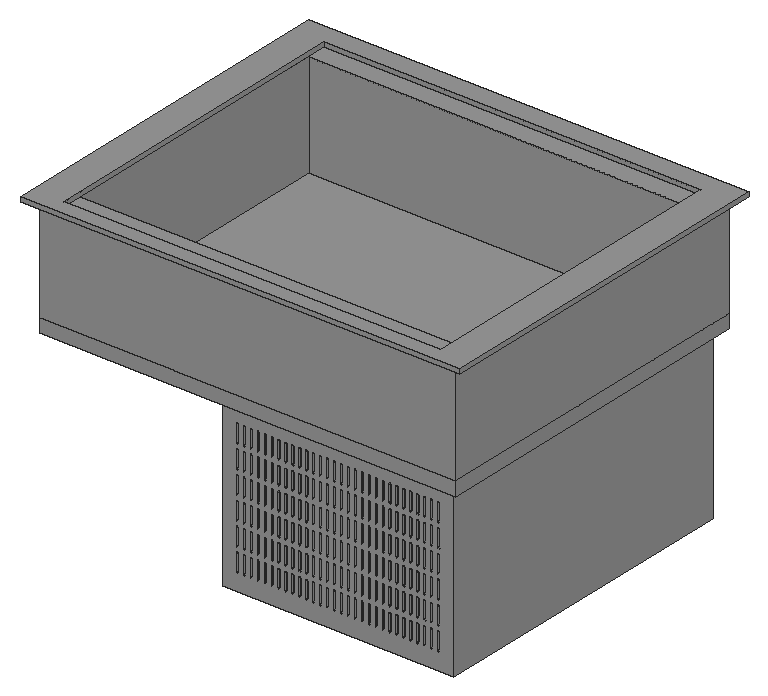
Revit family "Kühlwanne Umluft EN6040 - Eigen", category Sonderausstattung, Revit 2015
Parameters (values of type "2xEN6040")
  Watt = 700 W
  Wand vorne Stärke = 53 mm  # constant formula
  Wand hinten Stärke = 65 mm  # constant formula
  Tiefe ohne Rand = Tiefe - 2 mm * 21  # 738 mm
  Tiefe = 780 mm  # constant formula
  Temp. Bereich = "-1°C bis +5°C"
  Spannung = 230 V
  Scheinleistung = 0 VA
  Rand Stärke = 10 mm  # constant formula
  Rand Breite vorne = 32 mm  # constant formula
  Rand Breite seitlich = 67.5 mm  # constant formula
  Rand Breite hinten = 44 mm  # constant formula
  Pole = 1
  Material = Edelstahl AISI 304
  Kältemittel = "R404a"
  Kälteleistung = "720 W / -10°C VT"
  Kapazität = "2 x EN6040, Tiefe 80 mm"
  Installationshöhe [instance] = 750 mm
  Höhe Wanne = 265 mm  # constant formula
  Höhe Technikgehäuse = 365 mm  # constant formula
  Höhe = Höhe Wanne + Höhe Technikgehäuse  # 630 mm
  DN Tauwasserabfluß = 25.4 mm
  Breite ohne Rand = Breite - 2 mm * 25  # 900 mm
  Breite Technikgehäuse = 500 mm
  Wand Seiten Stärke = 42.5 mm  # constant formula
  Breite = 950 mm
  Boden Stärke = 30 mm  # constant formula
  Artikelnr. = "KWMU024060"
Types (4, lengths in mm): name | Watt | Kälteleistung | Kapazität | Breite ohne Rand | Breite | Artikelnr.
  2xEN6040 | 700 W | "720 W / -10°C VT" | "2 x EN6040, Tiefe 80 mm" | 900 | 950 | "KWMU024060"
  3xEN6040 | 900 W | "940 W / -10°C VT" | "3 x EN6040, Tiefe 80 mm" | 1300 | 1350 | "KWMU034060"
  4xEN6040 | 1100 W | "1100 W / -10°C VT" | "4 x EN6040, Tiefe 80 mm" | 1700 | 1750 | "KWMU044060"
  5xEN6040 | 1100 W | "1630 W / -10°C VT" | "5 x EN6040, Tiefe 80 mm" | 2100 | 2150 | "KWMU054060"
Reference planes
  plane 1 "Mitte (Vorne/Hinten)": y = 0
  plane 2: z = 0
  plane 3 "Mitte (Links/Rechts)": x = 0
  plane 4: y = -780
  plane 5: x = -950
  plane 6: z = 750
  plane 7: z = 485
  plane 8 "UK": z = 120
  plane 9: x = -545
  plane 10: x = -925
  plane 11: x = -25
  plane 12: y = -21
  plane 13: y = -759
  plane 14: y = -86
  plane 15: y = -706
  plane 16: x = -882.5
  plane 17: x = -67.5
  plane 18: z = 515
  plane 19: z = 740
  plane 20 "Technikgehäuse Rechts": x = -45
  plane 21 "Technikgehäuse vorne": y = -739
  plane 22: y = -41
  plane 23: y = -44
  plane 24: y = -748
  plane 25: z = 170
  plane 26: y = -624
  plane 27 "Tauwasserabfluß": z = 360
  plane 28: y = -418
  plane 29: x = -498
  plane 30: x = -437
  plane 31: x = -882.5
  plane 32: x = -67.5
Forms (mm)
  Extrusion 1, solid, material "Edelstahl AISI 304" <- "Material", detail levels fine
    sketch origin (0, 0, 150) x (-1, 0, 0) y (0, -1, 0)
      loop
        line (45, 41) -> (545, 41) -> (545, 739) -> (45, 739) -> (45, 41)
    from 335 to -30
  Extrusion 2, solid, material "Edelstahl AISI 304" <- "Material", detail levels medium+fine
    sketch origin (0, 0, 150) x (-1, 0, 0) y (0, -1, 0)
      loop
        line (925, 21) -> (925, 759) -> (25, 759) -> (25, 21) -> (925, 21)
      loop
        line (67.5, 706) -> (67.5, 86) -> (882.5, 86) -> (882.5, 706) -> (67.5, 706)
    from 590 to 365
  Extrusion 3, solid, material "Edelstahl AISI 304" <- "Material", detail levels medium+fine
    sketch origin (0, 0, 150) x (-1, 0, 0) y (0, -1, 0)
      loop
        line (925, 21) -> (925, 759) -> (25, 759) -> (25, 21) -> (925, 21)
    from 365 to 335
  Extrusion 4, solid, material "Edelstahl AISI 304" <- "Material", detail levels fine
    sketch origin (0, 0, 150) x (-1, 0, 0) y (0, -1, 0)
      loop
        line (950, 0) -> (950, 780) -> (0, 780) -> (0, 0) -> (950, 0)
      loop
        line (882.5, 44) -> (882.5, 748) -> (67.5, 748) -> (67.5, 44) -> (882.5, 44)
    from 600 to 590
  Extrusion 5, solid, not visible
    sketch origin (-45, 0, 0) x (0, 1, 0) y (0, 0, 1)
      loop
        circle (-624, 170) r 20
    from 0 to -2
  Extrusion 6, solid, not visible
    sketch origin (0, 0, 360) x (0, -1, 0) y (1, 0, 0)
      loop
        circle (418, -498) r 20
    from 0 to -2
  Extrusion 7, void
    sketch origin (-9.879, -739, 120) x (1, 0, 0) y (0, 0, 1)
      loop
        arc (-505, 290) -> (-502.5, 287.5) -> (-500, 290) r 2.5
        line (-500, 290) -> (-500, 325)
        arc (-500, 325) -> (-502.5, 327.5) -> (-505, 325) r 2.5
        line (-505, 325) -> (-505, 290)
      loop
        arc (-490, 290) -> (-487.5, 287.5) -> (-485, 290) r 2.5
        line (-485, 290) -> (-485, 325)
        arc (-485, 325) -> (-487.5, 327.5) -> (-490, 325) r 2.5
        line (-490, 325) -> (-490, 290)
      loop
        arc (-475, 290) -> (-472.5, 287.5) -> (-470, 290) r 2.5
        line (-470, 290) -> (-470, 325)
        arc (-470, 325) -> (-472.5, 327.5) -> (-475, 325) r 2.5
        line (-475, 325) -> (-475, 290)
      loop
        arc (-460, 290) -> (-457.5, 287.5) -> (-455, 290) r 2.5
        line (-455, 290) -> (-455, 325)
        arc (-455, 325) -> (-457.5, 327.5) -> (-460, 325) r 2.5
        line (-460, 325) -> (-460, 290)
      loop
        arc (-445.121, 290) -> (-442.621, 287.5) -> (-440.121, 290) r 2.5
        line (-440.121, 290) -> (-440.121, 325)
        arc (-440.121, 325) -> (-442.621, 327.5) -> (-445.121, 325) r 2.5
        line (-445.121, 325) -> (-445.121, 290)
      loop
        arc (-430.121, 290) -> (-427.621, 287.5) -> (-425.121, 290) r 2.5
        line (-425.121, 290) -> (-425.121, 325)
        arc (-425.121, 325) -> (-427.621, 327.5) -> (-430.121, 325) r 2.5
        line (-430.121, 325) -> (-430.121, 290)
      loop
        arc (-415.121, 290) -> (-412.621, 287.5) -> (-410.121, 290) r 2.5
        line (-410.121, 290) -> (-410.121, 325)
        arc (-410.121, 325) -> (-412.621, 327.5) -> (-415.121, 325) r 2.5
        line (-415.121, 325) -> (-415.121, 290)
      loop
        arc (-400.121, 290) -> (-397.621, 287.5) -> (-395.121, 290) r 2.5
        line (-395.121, 290) -> (-395.121, 325)
        arc (-395.121, 325) -> (-397.621, 327.5) -> (-400.121, 325) r 2.5
        line (-400.121, 325) -> (-400.121, 290)
      loop
        arc (-385.121, 290) -> (-382.621, 287.5) -> (-380.121, 290) r 2.5
        line (-380.121, 290) -> (-380.121, 325)
        arc (-380.121, 325) -> (-382.621, 327.5) -> (-385.121, 325) r 2.5
        line (-385.121, 325) -> (-385.121, 290)
      loop
        arc (-370.121, 290) -> (-367.621, 287.5) -> (-365.121, 290) r 2.5
        line (-365.121, 290) -> (-365.121, 325)
        arc (-365.121, 325) -> (-367.621, 327.5) -> (-370.121, 325) r 2.5
        line (-370.121, 325) -> (-370.121, 290)
      loop
        arc (-355.121, 290) -> (-352.621, 287.5) -> (-350.121, 290) r 2.5
        line (-350.121, 290) -> (-350.121, 325)
        arc (-350.121, 325) -> (-352.621, 327.5) -> (-355.121, 325) r 2.5
        line (-355.121, 325) -> (-355.121, 290)
      loop
        arc (-340.121, 290) -> (-337.621, 287.5) -> (-335.121, 290) r 2.5
        line (-335.121, 290) -> (-335.121, 325)
        arc (-335.121, 325) -> (-337.621, 327.5) -> (-340.121, 325) r 2.5
        line (-340.121, 325) -> (-340.121, 290)
      loop
        arc (-325.121, 290) -> (-322.621, 287.5) -> (-320.121, 290) r 2.5
        line (-320.121, 290) -> (-320.121, 325)
        arc (-320.121, 325) -> (-322.621, 327.5) -> (-325.121, 325) r 2.5
        line (-325.121, 325) -> (-325.121, 290)
      loop
        arc (-310.121, 290) -> (-307.621, 287.5) -> (-305.121, 290) r 2.5
        line (-305.121, 290) -> (-305.121, 325)
        arc (-305.121, 325) -> (-307.621, 327.5) -> (-310.121, 325) r 2.5
        line (-310.121, 325) -> (-310.121, 290)
      loop
        arc (-295.121, 290) -> (-292.621, 287.5) -> (-290.121, 290) r 2.5
        line (-290.121, 290) -> (-290.121, 325)
        arc (-290.121, 325) -> (-292.621, 327.5) -> (-295.121, 325) r 2.5
        line (-295.121, 325) -> (-295.121, 290)
      loop
        arc (-280.121, 290) -> (-277.621, 287.5) -> (-275.121, 290) r 2.5
        line (-275.121, 290) -> (-275.121, 325)
        arc (-275.121, 325) -> (-277.621, 327.5) -> (-280.121, 325) r 2.5
        line (-280.121, 325) -> (-280.121, 290)
      loop
        arc (-265.121, 290) -> (-262.621, 287.5) -> (-260.121, 290) r 2.5
        line (-260.121, 290) -> (-260.121, 325)
        arc (-260.121, 325) -> (-262.621, 327.5) -> (-265.121, 325) r 2.5
        line (-265.121, 325) -> (-265.121, 290)
      loop
        arc (-250.121, 290) -> (-247.621, 287.5) -> (-245.121, 290) r 2.5
        line (-245.121, 290) -> (-245.121, 325)
        arc (-245.121, 325) -> (-247.621, 327.5) -> (-250.121, 325) r 2.5
        line (-250.121, 325) -> (-250.121, 290)
      loop
        arc (-235.121, 290) -> (-232.621, 287.5) -> (-230.121, 290) r 2.5
        line (-230.121, 290) -> (-230.121, 325)
        arc (-230.121, 325) -> (-232.621, 327.5) -> (-235.121, 325) r 2.5
        line (-235.121, 325) -> (-235.121, 290)
      loop
        arc (-220.121, 290) -> (-217.621, 287.5) -> (-215.121, 290) r 2.5
        line (-215.121, 290) -> (-215.121, 325)
        arc (-215.121, 325) -> (-217.621, 327.5) -> (-220.121, 325) r 2.5
        line (-220.121, 325) -> (-220.121, 290)
      loop
        arc (-205.121, 290) -> (-202.621, 287.5) -> (-200.121, 290) r 2.5
        line (-200.121, 290) -> (-200.121, 325)
        arc (-200.121, 325) -> (-202.621, 327.5) -> (-205.121, 325) r 2.5
        line (-205.121, 325) -> (-205.121, 290)
      loop
        arc (-190.121, 290) -> (-187.621, 287.5) -> (-185.121, 290) r 2.5
        line (-185.121, 290) -> (-185.121, 325)
        arc (-185.121, 325) -> (-187.621, 327.5) -> (-190.121, 325) r 2.5
        line (-190.121, 325) -> (-190.121, 290)
      loop
        arc (-175.121, 290) -> (-172.621, 287.5) -> (-170.121, 290) r 2.5
        line (-170.121, 290) -> (-170.121, 325)
        arc (-170.121, 325) -> (-172.621, 327.5) -> (-175.121, 325) r 2.5
        line (-175.121, 325) -> (-175.121, 290)
      loop
        arc (-160.121, 290) -> (-157.621, 287.5) -> (-155.121, 290) r 2.5
        line (-155.121, 290) -> (-155.121, 325)
        arc (-155.121, 325) -> (-157.621, 327.5) -> (-160.121, 325) r 2.5
        line (-160.121, 325) -> (-160.121, 290)
      loop
        arc (-145.121, 290) -> (-142.621, 287.5) -> (-140.121, 290) r 2.5
        line (-140.121, 290) -> (-140.121, 325)
        arc (-140.121, 325) -> (-142.621, 327.5) -> (-145.121, 325) r 2.5
        line (-145.121, 325) -> (-145.121, 290)
      loop
        arc (-130.121, 290) -> (-127.621, 287.5) -> (-125.121, 290) r 2.5
        line (-125.121, 290) -> (-125.121, 325)
        arc (-125.121, 325) -> (-127.621, 327.5) -> (-130.121, 325) r 2.5
        line (-130.121, 325) -> (-130.121, 290)
      loop
        arc (-115.121, 290) -> (-112.621, 287.5) -> (-110.121, 290) r 2.5
        line (-110.121, 290) -> (-110.121, 325)
        arc (-110.121, 325) -> (-112.621, 327.5) -> (-115.121, 325) r 2.5
        line (-115.121, 325) -> (-115.121, 290)
      loop
        arc (-100.121, 290) -> (-97.621, 287.5) -> (-95.121, 290) r 2.5
        line (-95.121, 290) -> (-95.121, 325)
        arc (-95.121, 325) -> (-97.621, 327.5) -> (-100.121, 325) r 2.5
        line (-100.121, 325) -> (-100.121, 290)
      loop
        arc (-85.121, 290) -> (-82.621, 287.5) -> (-80.121, 290) r 2.5
        line (-80.121, 290) -> (-80.121, 325)
        arc (-80.121, 325) -> (-82.621, 327.5) -> (-85.121, 325) r 2.5
        line (-85.121, 325) -> (-85.121, 290)
      loop
        arc (-70.121, 290) -> (-67.621, 287.5) -> (-65.121, 290) r 2.5
        line (-65.121, 290) -> (-65.121, 325)
        arc (-65.121, 325) -> (-67.621, 327.5) -> (-70.121, 325) r 2.5
        line (-70.121, 325) -> (-70.121, 290)
      loop
        arc (-505, 240) -> (-502.5, 237.5) -> (-500, 240) r 2.5
        line (-500, 240) -> (-500, 275)
        arc (-500, 275) -> (-502.5, 277.5) -> (-505, 275) r 2.5
        line (-505, 275) -> (-505, 240)
      loop
        arc (-490, 240) -> (-487.5, 237.5) -> (-485, 240) r 2.5
        line (-485, 240) -> (-485, 275)
        arc (-485, 275) -> (-487.5, 277.5) -> (-490, 275) r 2.5
        line (-490, 275) -> (-490, 240)
      loop
        arc (-475, 240) -> (-472.5, 237.5) -> (-470, 240) r 2.5
        line (-470, 240) -> (-470, 275)
        arc (-470, 275) -> (-472.5, 277.5) -> (-475, 275) r 2.5
        line (-475, 275) -> (-475, 240)
      loop
        arc (-460, 240) -> (-457.5, 237.5) -> (-455, 240) r 2.5
        line (-455, 240) -> (-455, 275)
        arc (-455, 275) -> (-457.5, 277.5) -> (-460, 275) r 2.5
        line (-460, 275) -> (-460, 240)
      loop
        arc (-445.121, 240) -> (-442.621, 237.5) -> (-440.121, 240) r 2.5
        line (-440.121, 240) -> (-440.121, 275)
        arc (-440.121, 275) -> (-442.621, 277.5) -> (-445.121, 275) r 2.5
        line (-445.121, 275) -> (-445.121, 240)
      loop
        arc (-430.121, 240) -> (-427.621, 237.5) -> (-425.121, 240) r 2.5
        line (-425.121, 240) -> (-425.121, 275)
        arc (-425.121, 275) -> (-427.621, 277.5) -> (-430.121, 275) r 2.5
        line (-430.121, 275) -> (-430.121, 240)
      loop
        arc (-415.121, 240) -> (-412.621, 237.5) -> (-410.121, 240) r 2.5
        line (-410.121, 240) -> (-410.121, 275)
        arc (-410.121, 275) -> (-412.621, 277.5) -> (-415.121, 275) r 2.5
        line (-415.121, 275) -> (-415.121, 240)
      loop
        arc (-400.121, 240) -> (-397.621, 237.5) -> (-395.121, 240) r 2.5
        line (-395.121, 240) -> (-395.121, 275)
        arc (-395.121, 275) -> (-397.621, 277.5) -> (-400.121, 275) r 2.5
        line (-400.121, 275) -> (-400.121, 240)
      loop
        arc (-385.121, 240) -> (-382.621, 237.5) -> (-380.121, 240) r 2.5
        line (-380.121, 240) -> (-380.121, 275)
        arc (-380.121, 275) -> (-382.621, 277.5) -> (-385.121, 275) r 2.5
        line (-385.121, 275) -> (-385.121, 240)
      loop
        arc (-370.121, 240) -> (-367.621, 237.5) -> (-365.121, 240) r 2.5
        line (-365.121, 240) -> (-365.121, 275)
        arc (-365.121, 275) -> (-367.621, 277.5) -> (-370.121, 275) r 2.5
        line (-370.121, 275) -> (-370.121, 240)
      loop
        arc (-355.121, 240) -> (-352.621, 237.5) -> (-350.121, 240) r 2.5
        line (-350.121, 240) -> (-350.121, 275)
        arc (-350.121, 275) -> (-352.621, 277.5) -> (-355.121, 275) r 2.5
        line (-355.121, 275) -> (-355.121, 240)
      loop
        arc (-340.121, 240) -> (-337.621, 237.5) -> (-335.121, 240) r 2.5
        line (-335.121, 240) -> (-335.121, 275)
        arc (-335.121, 275) -> (-337.621, 277.5) -> (-340.121, 275) r 2.5
        line (-340.121, 275) -> (-340.121, 240)
      loop
        arc (-325.121, 240) -> (-322.621, 237.5) -> (-320.121, 240) r 2.5
        line (-320.121, 240) -> (-320.121, 275)
        arc (-320.121, 275) -> (-322.621, 277.5) -> (-325.121, 275) r 2.5
        line (-325.121, 275) -> (-325.121, 240)
      loop
        arc (-310.121, 240) -> (-307.621, 237.5) -> (-305.121, 240) r 2.5
        line (-305.121, 240) -> (-305.121, 275)
        arc (-305.121, 275) -> (-307.621, 277.5) -> (-310.121, 275) r 2.5
        line (-310.121, 275) -> (-310.121, 240)
      loop
        arc (-295.121, 240) -> (-292.621, 237.5) -> (-290.121, 240) r 2.5
        line (-290.121, 240) -> (-290.121, 275)
        arc (-290.121, 275) -> (-292.621, 277.5) -> (-295.121, 275) r 2.5
        line (-295.121, 275) -> (-295.121, 240)
      loop
        arc (-280.121, 240) -> (-277.621, 237.5) -> (-275.121, 240) r 2.5
        line (-275.121, 240) -> (-275.121, 275)
        arc (-275.121, 275) -> (-277.621, 277.5) -> (-280.121, 275) r 2.5
        line (-280.121, 275) -> (-280.121, 240)
      loop
        arc (-265.121, 240) -> (-262.621, 237.5) -> (-260.121, 240) r 2.5
        line (-260.121, 240) -> (-260.121, 275)
        arc (-260.121, 275) -> (-262.621, 277.5) -> (-265.121, 275) r 2.5
        line (-265.121, 275) -> (-265.121, 240)
      loop
        arc (-250.121, 240) -> (-247.621, 237.5) -> (-245.121, 240) r 2.5
        line (-245.121, 240) -> (-245.121, 275)
        arc (-245.121, 275) -> (-247.621, 277.5) -> (-250.121, 275) r 2.5
        line (-250.121, 275) -> (-250.121, 240)
      loop
        arc (-235.121, 240) -> (-232.621, 237.5) -> (-230.121, 240) r 2.5
        line (-230.121, 240) -> (-230.121, 275)
        arc (-230.121, 275) -> (-232.621, 277.5) -> (-235.121, 275) r 2.5
        line (-235.121, 275) -> (-235.121, 240)
      loop
        arc (-220.121, 240) -> (-217.621, 237.5) -> (-215.121, 240) r 2.5
        line (-215.121, 240) -> (-215.121, 275)
        arc (-215.121, 275) -> (-217.621, 277.5) -> (-220.121, 275) r 2.5
        line (-220.121, 275) -> (-220.121, 240)
      loop
        arc (-205.121, 240) -> (-202.621, 237.5) -> (-200.121, 240) r 2.5
        line (-200.121, 240) -> (-200.121, 275)
        arc (-200.121, 275) -> (-202.621, 277.5) -> (-205.121, 275) r 2.5
        line (-205.121, 275) -> (-205.121, 240)
      loop
        arc (-190.121, 240) -> (-187.621, 237.5) -> (-185.121, 240) r 2.5
        line (-185.121, 240) -> (-185.121, 275)
        arc (-185.121, 275) -> (-187.621, 277.5) -> (-190.121, 275) r 2.5
        line (-190.121, 275) -> (-190.121, 240)
      loop
        arc (-175.121, 240) -> (-172.621, 237.5) -> (-170.121, 240) r 2.5
        line (-170.121, 240) -> (-170.121, 275)
        arc (-170.121, 275) -> (-172.621, 277.5) -> (-175.121, 275) r 2.5
        line (-175.121, 275) -> (-175.121, 240)
      loop
        arc (-160.121, 240) -> (-157.621, 237.5) -> (-155.121, 240) r 2.5
        line (-155.121, 240) -> (-155.121, 275)
        arc (-155.121, 275) -> (-157.621, 277.5) -> (-160.121, 275) r 2.5
        line (-160.121, 275) -> (-160.121, 240)
      loop
        arc (-145.121, 240) -> (-142.621, 237.5) -> (-140.121, 240) r 2.5
        line (-140.121, 240) -> (-140.121, 275)
        arc (-140.121, 275) -> (-142.621, 277.5) -> (-145.121, 275) r 2.5
        line (-145.121, 275) -> (-145.121, 240)
      loop
        arc (-130.121, 240) -> (-127.621, 237.5) -> (-125.121, 240) r 2.5
        line (-125.121, 240) -> (-125.121, 275)
        arc (-125.121, 275) -> (-127.621, 277.5) -> (-130.121, 275) r 2.5
        line (-130.121, 275) -> (-130.121, 240)
      loop
        arc (-115.121, 240) -> (-112.621, 237.5) -> (-110.121, 240) r 2.5
        line (-110.121, 240) -> (-110.121, 275)
        arc (-110.121, 275) -> (-112.621, 277.5) -> (-115.121, 275) r 2.5
        line (-115.121, 275) -> (-115.121, 240)
      loop
        arc (-100.121, 240) -> (-97.621, 237.5) -> (-95.121, 240) r 2.5
        line (-95.121, 240) -> (-95.121, 275)
        arc (-95.121, 275) -> (-97.621, 277.5) -> (-100.121, 275) r 2.5
        line (-100.121, 275) -> (-100.121, 240)
      loop
        arc (-85.121, 240) -> (-82.621, 237.5) -> (-80.121, 240) r 2.5
        line (-80.121, 240) -> (-80.121, 275)
        arc (-80.121, 275) -> (-82.621, 277.5) -> (-85.121, 275) r 2.5
        line (-85.121, 275) -> (-85.121, 240)
      loop
        arc (-70.121, 240) -> (-67.621, 237.5) -> (-65.121, 240) r 2.5
        line (-65.121, 240) -> (-65.121, 275)
        arc (-65.121, 275) -> (-67.621, 277.5) -> (-70.121, 275) r 2.5
        line (-70.121, 275) -> (-70.121, 240)
      loop
        arc (-505, 190) -> (-502.5, 187.5) -> (-500, 190) r 2.5
        line (-500, 190) -> (-500, 225)
        arc (-500, 225) -> (-502.5, 227.5) -> (-505, 225) r 2.5
        line (-505, 225) -> (-505, 190)
      loop
        arc (-490, 190) -> (-487.5, 187.5) -> (-485, 190) r 2.5
        line (-485, 190) -> (-485, 225)
        arc (-485, 225) -> (-487.5, 227.5) -> (-490, 225) r 2.5
        line (-490, 225) -> (-490, 190)
      loop
        arc (-475, 190) -> (-472.5, 187.5) -> (-470, 190) r 2.5
        line (-470, 190) -> (-470, 225)
        arc (-470, 225) -> (-472.5, 227.5) -> (-475, 225) r 2.5
        line (-475, 225) -> (-475, 190)
      loop
        arc (-460, 190) -> (-457.5, 187.5) -> (-455, 190) r 2.5
        line (-455, 190) -> (-455, 225)
        arc (-455, 225) -> (-457.5, 227.5) -> (-460, 225) r 2.5
        line (-460, 225) -> (-460, 190)
      loop
        arc (-445.121, 190) -> (-442.621, 187.5) -> (-440.121, 190) r 2.5
        line (-440.121, 190) -> (-440.121, 225)
        arc (-440.121, 225) -> (-442.621, 227.5) -> (-445.121, 225) r 2.5
        line (-445.121, 225) -> (-445.121, 190)
      loop
        arc (-430.121, 190) -> (-427.621, 187.5) -> (-425.121, 190) r 2.5
        line (-425.121, 190) -> (-425.121, 225)
        arc (-425.121, 225) -> (-427.621, 227.5) -> (-430.121, 225) r 2.5
        line (-430.121, 225) -> (-430.121, 190)
      loop
        arc (-415.121, 190) -> (-412.621, 187.5) -> (-410.121, 190) r 2.5
        line (-410.121, 190) -> (-410.121, 225)
        arc (-410.121, 225) -> (-412.621, 227.5) -> (-415.121, 225) r 2.5
        line (-415.121, 225) -> (-415.121, 190)
      loop
        arc (-400.121, 190) -> (-397.621, 187.5) -> (-395.121, 190) r 2.5
        line (-395.121, 190) -> (-395.121, 225)
        arc (-395.121, 225) -> (-397.621, 227.5) -> (-400.121, 225) r 2.5
        line (-400.121, 225) -> (-400.121, 190)
      loop
        arc (-385.121, 190) -> (-382.621, 187.5) -> (-380.121, 190) r 2.5
        line (-380.121, 190) -> (-380.121, 225)
        arc (-380.121, 225) -> (-382.621, 227.5) -> (-385.121, 225) r 2.5
        line (-385.121, 225) -> (-385.121, 190)
      loop
        arc (-370.121, 190) -> (-367.621, 187.5) -> (-365.121, 190) r 2.5
        line (-365.121, 190) -> (-365.121, 225)
        arc (-365.121, 225) -> (-367.621, 227.5) -> (-370.121, 225) r 2.5
        line (-370.121, 225) -> (-370.121, 190)
      loop
        arc (-355.121, 190) -> (-352.621, 187.5) -> (-350.121, 190) r 2.5
        line (-350.121, 190) -> (-350.121, 225)
        arc (-350.121, 225) -> (-352.621, 227.5) -> (-355.121, 225) r 2.5
        line (-355.121, 225) -> (-355.121, 190)
      loop
        arc (-340.121, 190) -> (-337.621, 187.5) -> (-335.121, 190) r 2.5
        line (-335.121, 190) -> (-335.121, 225)
        arc (-335.121, 225) -> (-337.621, 227.5) -> (-340.121, 225) r 2.5
        line (-340.121, 225) -> (-340.121, 190)
      loop
        arc (-325.121, 190) -> (-322.621, 187.5) -> (-320.121, 190) r 2.5
        line (-320.121, 190) -> (-320.121, 225)
        arc (-320.121, 225) -> (-322.621, 227.5) -> (-325.121, 225) r 2.5
        line (-325.121, 225) -> (-325.121, 190)
      loop
        arc (-310.121, 190) -> (-307.621, 187.5) -> (-305.121, 190) r 2.5
        line (-305.121, 190) -> (-305.121, 225)
        arc (-305.121, 225) -> (-307.621, 227.5) -> (-310.121, 225) r 2.5
        line (-310.121, 225) -> (-310.121, 190)
      loop
        arc (-295.121, 190) -> (-292.621, 187.5) -> (-290.121, 190) r 2.5
        line (-290.121, 190) -> (-290.121, 225)
        arc (-290.121, 225) -> (-292.621, 227.5) -> (-295.121, 225) r 2.5
        line (-295.121, 225) -> (-295.121, 190)
      loop
        arc (-280.121, 190) -> (-277.621, 187.5) -> (-275.121, 190) r 2.5
        line (-275.121, 190) -> (-275.121, 225)
        arc (-275.121, 225) -> (-277.621, 227.5) -> (-280.121, 225) r 2.5
        line (-280.121, 225) -> (-280.121, 190)
      loop
        arc (-265.121, 190) -> (-262.621, 187.5) -> (-260.121, 190) r 2.5
        line (-260.121, 190) -> (-260.121, 225)
        arc (-260.121, 225) -> (-262.621, 227.5) -> (-265.121, 225) r 2.5
        line (-265.121, 225) -> (-265.121, 190)
      loop
        arc (-250.121, 190) -> (-247.621, 187.5) -> (-245.121, 190) r 2.5
        line (-245.121, 190) -> (-245.121, 225)
        arc (-245.121, 225) -> (-247.621, 227.5) -> (-250.121, 225) r 2.5
        line (-250.121, 225) -> (-250.121, 190)
      loop
        arc (-235.121, 190) -> (-232.621, 187.5) -> (-230.121, 190) r 2.5
        line (-230.121, 190) -> (-230.121, 225)
        arc (-230.121, 225) -> (-232.621, 227.5) -> (-235.121, 225) r 2.5
        line (-235.121, 225) -> (-235.121, 190)
      loop
        arc (-220.121, 190) -> (-217.621, 187.5) -> (-215.121, 190) r 2.5
        line (-215.121, 190) -> (-215.121, 225)
        arc (-215.121, 225) -> (-217.621, 227.5) -> (-220.121, 225) r 2.5
        line (-220.121, 225) -> (-220.121, 190)
      loop
        arc (-205.121, 190) -> (-202.621, 187.5) -> (-200.121, 190) r 2.5
        line (-200.121, 190) -> (-200.121, 225)
        arc (-200.121, 225) -> (-202.621, 227.5) -> (-205.121, 225) r 2.5
        line (-205.121, 225) -> (-205.121, 190)
      loop
        arc (-190.121, 190) -> (-187.621, 187.5) -> (-185.121, 190) r 2.5
        line (-185.121, 190) -> (-185.121, 225)
        arc (-185.121, 225) -> (-187.621, 227.5) -> (-190.121, 225) r 2.5
        line (-190.121, 225) -> (-190.121, 190)
      loop
        arc (-175.121, 190) -> (-172.621, 187.5) -> (-170.121, 190) r 2.5
        line (-170.121, 190) -> (-170.121, 225)
        arc (-170.121, 225) -> (-172.621, 227.5) -> (-175.121, 225) r 2.5
        line (-175.121, 225) -> (-175.121, 190)
      loop
        arc (-160.121, 190) -> (-157.621, 187.5) -> (-155.121, 190) r 2.5
        line (-155.121, 190) -> (-155.121, 225)
        arc (-155.121, 225) -> (-157.621, 227.5) -> (-160.121, 225) r 2.5
        line (-160.121, 225) -> (-160.121, 190)
      loop
        arc (-145.121, 190) -> (-142.621, 187.5) -> (-140.121, 190) r 2.5
        line (-140.121, 190) -> (-140.121, 225)
        arc (-140.121, 225) -> (-142.621, 227.5) -> (-145.121, 225) r 2.5
        line (-145.121, 225) -> (-145.121, 190)
      loop
        arc (-130.121, 190) -> (-127.621, 187.5) -> (-125.121, 190) r 2.5
        line (-125.121, 190) -> (-125.121, 225)
        arc (-125.121, 225) -> (-127.621, 227.5) -> (-130.121, 225) r 2.5
        line (-130.121, 225) -> (-130.121, 190)
      loop
        arc (-115.121, 190) -> (-112.621, 187.5) -> (-110.121, 190) r 2.5
        line (-110.121, 190) -> (-110.121, 225)
        arc (-110.121, 225) -> (-112.621, 227.5) -> (-115.121, 225) r 2.5
        line (-115.121, 225) -> (-115.121, 190)
      loop
        arc (-100.121, 190) -> (-97.621, 187.5) -> (-95.121, 190) r 2.5
        line (-95.121, 190) -> (-95.121, 225)
        arc (-95.121, 225) -> (-97.621, 227.5) -> (-100.121, 225) r 2.5
        line (-100.121, 225) -> (-100.121, 190)
      loop
        arc (-85.121, 190) -> (-82.621, 187.5) -> (-80.121, 190) r 2.5
        line (-80.121, 190) -> (-80.121, 225)
        arc (-80.121, 225) -> (-82.621, 227.5) -> (-85.121, 225) r 2.5
        line (-85.121, 225) -> (-85.121, 190)
      loop
        arc (-70.121, 190) -> (-67.621, 187.5) -> (-65.121, 190) r 2.5
        line (-65.121, 190) -> (-65.121, 225)
        arc (-65.121, 225) -> (-67.621, 227.5) -> (-70.121, 225) r 2.5
        line (-70.121, 225) -> (-70.121, 190)
      loop
        arc (-505, 140) -> (-502.5, 137.5) -> (-500, 140) r 2.5
        line (-500, 140) -> (-500, 175)
        arc (-500, 175) -> (-502.5, 177.5) -> (-505, 175) r 2.5
        line (-505, 175) -> (-505, 140)
      loop
        arc (-490, 140) -> (-487.5, 137.5) -> (-485, 140) r 2.5
        line (-485, 140) -> (-485, 175)
        arc (-485, 175) -> (-487.5, 177.5) -> (-490, 175) r 2.5
        line (-490, 175) -> (-490, 140)
      loop
        arc (-475, 140) -> (-472.5, 137.5) -> (-470, 140) r 2.5
        line (-470, 140) -> (-470, 175)
        arc (-470, 175) -> (-472.5, 177.5) -> (-475, 175) r 2.5
        line (-475, 175) -> (-475, 140)
      loop
        arc (-460, 140) -> (-457.5, 137.5) -> (-455, 140) r 2.5
        line (-455, 140) -> (-455, 175)
        arc (-455, 175) -> (-457.5, 177.5) -> (-460, 175) r 2.5
        line (-460, 175) -> (-460, 140)
      loop
        arc (-445.121, 140) -> (-442.621, 137.5) -> (-440.121, 140) r 2.5
        line (-440.121, 140) -> (-440.121, 175)
        arc (-440.121, 175) -> (-442.621, 177.5) -> (-445.121, 175) r 2.5
        line (-445.121, 175) -> (-445.121, 140)
      loop
        arc (-430.121, 140) -> (-427.621, 137.5) -> (-425.121, 140) r 2.5
        line (-425.121, 140) -> (-425.121, 175)
        arc (-425.121, 175) -> (-427.621, 177.5) -> (-430.121, 175) r 2.5
        line (-430.121, 175) -> (-430.121, 140)
      loop
        arc (-415.121, 140) -> (-412.621, 137.5) -> (-410.121, 140) r 2.5
        line (-410.121, 140) -> (-410.121, 175)
        arc (-410.121, 175) -> (-412.621, 177.5) -> (-415.121, 175) r 2.5
        line (-415.121, 175) -> (-415.121, 140)
      loop
        arc (-400.121, 140) -> (-397.621, 137.5) -> (-395.121, 140) r 2.5
        line (-395.121, 140) -> (-395.121, 175)
        arc (-395.121, 175) -> (-397.621, 177.5) -> (-400.121, 175) r 2.5
        line (-400.121, 175) -> (-400.121, 140)
      loop
        arc (-385.121, 140) -> (-382.621, 137.5) -> (-380.121, 140) r 2.5
        line (-380.121, 140) -> (-380.121, 175)
        arc (-380.121, 175) -> (-382.621, 177.5) -> (-385.121, 175) r 2.5
        line (-385.121, 175) -> (-385.121, 140)
      loop
        arc (-370.121, 140) -> (-367.621, 137.5) -> (-365.121, 140) r 2.5
        line (-365.121, 140) -> (-365.121, 175)
        arc (-365.121, 175) -> (-367.621, 177.5) -> (-370.121, 175) r 2.5
        line (-370.121, 175) -> (-370.121, 140)
      loop
        arc (-355.121, 140) -> (-352.621, 137.5) -> (-350.121, 140) r 2.5
        line (-350.121, 140) -> (-350.121, 175)
        arc (-350.121, 175) -> (-352.621, 177.5) -> (-355.121, 175) r 2.5
        line (-355.121, 175) -> (-355.121, 140)
      loop
        arc (-340.121, 140) -> (-337.621, 137.5) -> (-335.121, 140) r 2.5
        line (-335.121, 140) -> (-335.121, 175)
        arc (-335.121, 175) -> (-337.621, 177.5) -> (-340.121, 175) r 2.5
        line (-340.121, 175) -> (-340.121, 140)
      loop
        arc (-325.121, 140) -> (-322.621, 137.5) -> (-320.121, 140) r 2.5
        line (-320.121, 140) -> (-320.121, 175)
        arc (-320.121, 175) -> (-322.621, 177.5) -> (-325.121, 175) r 2.5
        line (-325.121, 175) -> (-325.121, 140)
      loop
        arc (-310.121, 140) -> (-307.621, 137.5) -> (-305.121, 140) r 2.5
        line (-305.121, 140) -> (-305.121, 175)
        arc (-305.121, 175) -> (-307.621, 177.5) -> (-310.121, 175) r 2.5
        line (-310.121, 175) -> (-310.121, 140)
      loop
        arc (-295.121, 140) -> (-292.621, 137.5) -> (-290.121, 140) r 2.5
        line (-290.121, 140) -> (-290.121, 175)
        arc (-290.121, 175) -> (-292.621, 177.5) -> (-295.121, 175) r 2.5
        line (-295.121, 175) -> (-295.121, 140)
      loop
        arc (-280.121, 140) -> (-277.621, 137.5) -> (-275.121, 140) r 2.5
        line (-275.121, 140) -> (-275.121, 175)
        arc (-275.121, 175) -> (-277.621, 177.5) -> (-280.121, 175) r 2.5
        line (-280.121, 175) -> (-280.121, 140)
      loop
        arc (-265.121, 140) -> (-262.621, 137.5) -> (-260.121, 140) r 2.5
        line (-260.121, 140) -> (-260.121, 175)
        arc (-260.121, 175) -> (-262.621, 177.5) -> (-265.121, 175) r 2.5
        line (-265.121, 175) -> (-265.121, 140)
      loop
        arc (-250.121, 140) -> (-247.621, 137.5) -> (-245.121, 140) r 2.5
        line (-245.121, 140) -> (-245.121, 175)
        arc (-245.121, 175) -> (-247.621, 177.5) -> (-250.121, 175) r 2.5
        line (-250.121, 175) -> (-250.121, 140)
      loop
        arc (-235.121, 140) -> (-232.621, 137.5) -> (-230.121, 140) r 2.5
        line (-230.121, 140) -> (-230.121, 175)
        arc (-230.121, 175) -> (-232.621, 177.5) -> (-235.121, 175) r 2.5
        line (-235.121, 175) -> (-235.121, 140)
      loop
        arc (-220.121, 140) -> (-217.621, 137.5) -> (-215.121, 140) r 2.5
        line (-215.121, 140) -> (-215.121, 175)
        arc (-215.121, 175) -> (-217.621, 177.5) -> (-220.121, 175) r 2.5
        line (-220.121, 175) -> (-220.121, 140)
      loop
        arc (-205.121, 140) -> (-202.621, 137.5) -> (-200.121, 140) r 2.5
        line (-200.121, 140) -> (-200.121, 175)
        arc (-200.121, 175) -> (-202.621, 177.5) -> (-205.121, 175) r 2.5
        line (-205.121, 175) -> (-205.121, 140)
      loop
        arc (-190.121, 140) -> (-187.621, 137.5) -> (-185.121, 140) r 2.5
        line (-185.121, 140) -> (-185.121, 175)
        arc (-185.121, 175) -> (-187.621, 177.5) -> (-190.121, 175) r 2.5
        line (-190.121, 175) -> (-190.121, 140)
      loop
        arc (-175.121, 140) -> (-172.621, 137.5) -> (-170.121, 140) r 2.5
        line (-170.121, 140) -> (-170.121, 175)
        arc (-170.121, 175) -> (-172.621, 177.5) -> (-175.121, 175) r 2.5
        line (-175.121, 175) -> (-175.121, 140)
      loop
        arc (-160.121, 140) -> (-157.621, 137.5) -> (-155.121, 140) r 2.5
        line (-155.121, 140) -> (-155.121, 175)
        arc (-155.121, 175) -> (-157.621, 177.5) -> (-160.121, 175) r 2.5
        line (-160.121, 175) -> (-160.121, 140)
      loop
        arc (-145.121, 140) -> (-142.621, 137.5) -> (-140.121, 140) r 2.5
        line (-140.121, 140) -> (-140.121, 175)
        arc (-140.121, 175) -> (-142.621, 177.5) -> (-145.121, 175) r 2.5
        line (-145.121, 175) -> (-145.121, 140)
      loop
        arc (-130.121, 140) -> (-127.621, 137.5) -> (-125.121, 140) r 2.5
        line (-125.121, 140) -> (-125.121, 175)
        arc (-125.121, 175) -> (-127.621, 177.5) -> (-130.121, 175) r 2.5
        line (-130.121, 175) -> (-130.121, 140)
      loop
        arc (-115.121, 140) -> (-112.621, 137.5) -> (-110.121, 140) r 2.5
        line (-110.121, 140) -> (-110.121, 175)
        arc (-110.121, 175) -> (-112.621, 177.5) -> (-115.121, 175) r 2.5
        line (-115.121, 175) -> (-115.121, 140)
      loop
        arc (-100.121, 140) -> (-97.621, 137.5) -> (-95.121, 140) r 2.5
        line (-95.121, 140) -> (-95.121, 175)
        arc (-95.121, 175) -> (-97.621, 177.5) -> (-100.121, 175) r 2.5
        line (-100.121, 175) -> (-100.121, 140)
      loop
        arc (-85.121, 140) -> (-82.621, 137.5) -> (-80.121, 140) r 2.5
        line (-80.121, 140) -> (-80.121, 175)
        arc (-80.121, 175) -> (-82.621, 177.5) -> (-85.121, 175) r 2.5
        line (-85.121, 175) -> (-85.121, 140)
      loop
        arc (-70.121, 140) -> (-67.621, 137.5) -> (-65.121, 140) r 2.5
        line (-65.121, 140) -> (-65.121, 175)
        arc (-65.121, 175) -> (-67.621, 177.5) -> (-70.121, 175) r 2.5
        line (-70.121, 175) -> (-70.121, 140)
      loop
        arc (-505, 90) -> (-502.5, 87.5) -> (-500, 90) r 2.5
        line (-500, 90) -> (-500, 125)
        arc (-500, 125) -> (-502.5, 127.5) -> (-505, 125) r 2.5
        line (-505, 125) -> (-505, 90)
      loop
        arc (-490, 90) -> (-487.5, 87.5) -> (-485, 90) r 2.5
        line (-485, 90) -> (-485, 125)
        arc (-485, 125) -> (-487.5, 127.5) -> (-490, 125) r 2.5
        line (-490, 125) -> (-490, 90)
      loop
        arc (-475, 90) -> (-472.5, 87.5) -> (-470, 90) r 2.5
        line (-470, 90) -> (-470, 125)
        arc (-470, 125) -> (-472.5, 127.5) -> (-475, 125) r 2.5
        line (-475, 125) -> (-475, 90)
      loop
        arc (-460, 90) -> (-457.5, 87.5) -> (-455, 90) r 2.5
        line (-455, 90) -> (-455, 125)
        arc (-455, 125) -> (-457.5, 127.5) -> (-460, 125) r 2.5
        line (-460, 125) -> (-460, 90)
      loop
        arc (-445.121, 90) -> (-442.621, 87.5) -> (-440.121, 90) r 2.5
        line (-440.121, 90) -> (-440.121, 125)
        arc (-440.121, 125) -> (-442.621, 127.5) -> (-445.121, 125) r 2.5
        line (-445.121, 125) -> (-445.121, 90)
      loop
        arc (-430.121, 90) -> (-427.621, 87.5) -> (-425.121, 90) r 2.5
        line (-425.121, 90) -> (-425.121, 125)
        arc (-425.121, 125) -> (-427.621, 127.5) -> (-430.121, 125) r 2.5
        line (-430.121, 125) -> (-430.121, 90)
      loop
        arc (-415.121, 90) -> (-412.621, 87.5) -> (-410.121, 90) r 2.5
        line (-410.121, 90) -> (-410.121, 125)
        arc (-410.121, 125) -> (-412.621, 127.5) -> (-415.121, 125) r 2.5
        line (-415.121, 125) -> (-415.121, 90)
      loop
        arc (-400.121, 90) -> (-397.621, 87.5) -> (-395.121, 90) r 2.5
        line (-395.121, 90) -> (-395.121, 125)
        arc (-395.121, 125) -> (-397.621, 127.5) -> (-400.121, 125) r 2.5
        line (-400.121, 125) -> (-400.121, 90)
      loop
        arc (-385.121, 90) -> (-382.621, 87.5) -> (-380.121, 90) r 2.5
        line (-380.121, 90) -> (-380.121, 125)
        arc (-380.121, 125) -> (-382.621, 127.5) -> (-385.121, 125) r 2.5
        line (-385.121, 125) -> (-385.121, 90)
      loop
        arc (-370.121, 90) -> (-367.621, 87.5) -> (-365.121, 90) r 2.5
        line (-365.121, 90) -> (-365.121, 125)
        arc (-365.121, 125) -> (-367.621, 127.5) -> (-370.121, 125) r 2.5
        line (-370.121, 125) -> (-370.121, 90)
      loop
        arc (-355.121, 90) -> (-352.621, 87.5) -> (-350.121, 90) r 2.5
        line (-350.121, 90) -> (-350.121, 125)
        arc (-350.121, 125) -> (-352.621, 127.5) -> (-355.121, 125) r 2.5
        line (-355.121, 125) -> (-355.121, 90)
      loop
        arc (-340.121, 90) -> (-337.621, 87.5) -> (-335.121, 90) r 2.5
        line (-335.121, 90) -> (-335.121, 125)
        arc (-335.121, 125) -> (-337.621, 127.5) -> (-340.121, 125) r 2.5
        line (-340.121, 125) -> (-340.121, 90)
      loop
        arc (-325.121, 90) -> (-322.621, 87.5) -> (-320.121, 90) r 2.5
        line (-320.121, 90) -> (-320.121, 125)
        arc (-320.121, 125) -> (-322.621, 127.5) -> (-325.121, 125) r 2.5
        line (-325.121, 125) -> (-325.121, 90)
      loop
        arc (-310.121, 90) -> (-307.621, 87.5) -> (-305.121, 90) r 2.5
        line (-305.121, 90) -> (-305.121, 125)
        arc (-305.121, 125) -> (-307.621, 127.5) -> (-310.121, 125) r 2.5
        line (-310.121, 125) -> (-310.121, 90)
      loop
        arc (-295.121, 90) -> (-292.621, 87.5) -> (-290.121, 90) r 2.5
        line (-290.121, 90) -> (-290.121, 125)
        arc (-290.121, 125) -> (-292.621, 127.5) -> (-295.121, 125) r 2.5
        line (-295.121, 125) -> (-295.121, 90)
      loop
        arc (-280.121, 90) -> (-277.621, 87.5) -> (-275.121, 90) r 2.5
        line (-275.121, 90) -> (-275.121, 125)
        arc (-275.121, 125) -> (-277.621, 127.5) -> (-280.121, 125) r 2.5
        line (-280.121, 125) -> (-280.121, 90)
      loop
        arc (-265.121, 90) -> (-262.621, 87.5) -> (-260.121, 90) r 2.5
        line (-260.121, 90) -> (-260.121, 125)
        arc (-260.121, 125) -> (-262.621, 127.5) -> (-265.121, 125) r 2.5
        line (-265.121, 125) -> (-265.121, 90)
      loop
        arc (-250.121, 90) -> (-247.621, 87.5) -> (-245.121, 90) r 2.5
        line (-245.121, 90) -> (-245.121, 125)
        arc (-245.121, 125) -> (-247.621, 127.5) -> (-250.121, 125) r 2.5
        line (-250.121, 125) -> (-250.121, 90)
      loop
        arc (-235.121, 90) -> (-232.621, 87.5) -> (-230.121, 90) r 2.5
        line (-230.121, 90) -> (-230.121, 125)
        arc (-230.121, 125) -> (-232.621, 127.5) -> (-235.121, 125) r 2.5
        line (-235.121, 125) -> (-235.121, 90)
      loop
        arc (-220.121, 90) -> (-217.621, 87.5) -> (-215.121, 90) r 2.5
        line (-215.121, 90) -> (-215.121, 125)
        arc (-215.121, 125) -> (-217.621, 127.5) -> (-220.121, 125) r 2.5
        line (-220.121, 125) -> (-220.121, 90)
      loop
        arc (-205.121, 90) -> (-202.621, 87.5) -> (-200.121, 90) r 2.5
        line (-200.121, 90) -> (-200.121, 125)
        arc (-200.121, 125) -> (-202.621, 127.5) -> (-205.121, 125) r 2.5
        line (-205.121, 125) -> (-205.121, 90)
      loop
        arc (-190.121, 90) -> (-187.621, 87.5) -> (-185.121, 90) r 2.5
        line (-185.121, 90) -> (-185.121, 125)
        arc (-185.121, 125) -> (-187.621, 127.5) -> (-190.121, 125) r 2.5
        line (-190.121, 125) -> (-190.121, 90)
      loop
        arc (-175.121, 90) -> (-172.621, 87.5) -> (-170.121, 90) r 2.5
        line (-170.121, 90) -> (-170.121, 125)
        arc (-170.121, 125) -> (-172.621, 127.5) -> (-175.121, 125) r 2.5
        line (-175.121, 125) -> (-175.121, 90)
      loop
        arc (-160.121, 90) -> (-157.621, 87.5) -> (-155.121, 90) r 2.5
        line (-155.121, 90) -> (-155.121, 125)
        arc (-155.121, 125) -> (-157.621, 127.5) -> (-160.121, 125) r 2.5
        line (-160.121, 125) -> (-160.121, 90)
      loop
        arc (-145.121, 90) -> (-142.621, 87.5) -> (-140.121, 90) r 2.5
        line (-140.121, 90) -> (-140.121, 125)
        arc (-140.121, 125) -> (-142.621, 127.5) -> (-145.121, 125) r 2.5
        line (-145.121, 125) -> (-145.121, 90)
      loop
        arc (-130.121, 90) -> (-127.621, 87.5) -> (-125.121, 90) r 2.5
        line (-125.121, 90) -> (-125.121, 125)
        arc (-125.121, 125) -> (-127.621, 127.5) -> (-130.121, 125) r 2.5
        line (-130.121, 125) -> (-130.121, 90)
      loop
        arc (-115.121, 90) -> (-112.621, 87.5) -> (-110.121, 90) r 2.5
        line (-110.121, 90) -> (-110.121, 125)
        arc (-110.121, 125) -> (-112.621, 127.5) -> (-115.121, 125) r 2.5
        line (-115.121, 125) -> (-115.121, 90)
      loop
        arc (-100.121, 90) -> (-97.621, 87.5) -> (-95.121, 90) r 2.5
        line (-95.121, 90) -> (-95.121, 125)
        arc (-95.121, 125) -> (-97.621, 127.5) -> (-100.121, 125) r 2.5
        line (-100.121, 125) -> (-100.121, 90)
      loop
        arc (-85.121, 90) -> (-82.621, 87.5) -> (-80.121, 90) r 2.5
        line (-80.121, 90) -> (-80.121, 125)
        arc (-80.121, 125) -> (-82.621, 127.5) -> (-85.121, 125) r 2.5
        line (-85.121, 125) -> (-85.121, 90)
      loop
        arc (-70.121, 90) -> (-67.621, 87.5) -> (-65.121, 90) r 2.5
        line (-65.121, 90) -> (-65.121, 125)
        arc (-65.121, 125) -> (-67.621, 127.5) -> (-70.121, 125) r 2.5
        line (-70.121, 125) -> (-70.121, 90)
      loop
        arc (-505, 40) -> (-502.5, 37.5) -> (-500, 40) r 2.5
        line (-500, 40) -> (-500, 75)
        arc (-500, 75) -> (-502.5, 77.5) -> (-505, 75) r 2.5
        line (-505, 75) -> (-505, 40)
      loop
        arc (-490, 40) -> (-487.5, 37.5) -> (-485, 40) r 2.5
        line (-485, 40) -> (-485, 75)
        arc (-485, 75) -> (-487.5, 77.5) -> (-490, 75) r 2.5
        line (-490, 75) -> (-490, 40)
      loop
        arc (-475, 40) -> (-472.5, 37.5) -> (-470, 40) r 2.5
        line (-470, 40) -> (-470, 75)
        arc (-470, 75) -> (-472.5, 77.5) -> (-475, 75) r 2.5
        line (-475, 75) -> (-475, 40)
      loop
        arc (-460, 40) -> (-457.5, 37.5) -> (-455, 40) r 2.5
        line (-455, 40) -> (-455, 75)
        arc (-455, 75) -> (-457.5, 77.5) -> (-460, 75) r 2.5
        line (-460, 75) -> (-460, 40)
      loop
        arc (-445.121, 40) -> (-442.621, 37.5) -> (-440.121, 40) r 2.5
        line (-440.121, 40) -> (-440.121, 75)
        arc (-440.121, 75) -> (-442.621, 77.5) -> (-445.121, 75) r 2.5
        line (-445.121, 75) -> (-445.121, 40)
      loop
        arc (-430.121, 40) -> (-427.621, 37.5) -> (-425.121, 40) r 2.5
        line (-425.121, 40) -> (-425.121, 75)
        arc (-425.121, 75) -> (-427.621, 77.5) -> (-430.121, 75) r 2.5
        line (-430.121, 75) -> (-430.121, 40)
      loop
        arc (-415.121, 40) -> (-412.621, 37.5) -> (-410.121, 40) r 2.5
        line (-410.121, 40) -> (-410.121, 75)
        arc (-410.121, 75) -> (-412.621, 77.5) -> (-415.121, 75) r 2.5
        line (-415.121, 75) -> (-415.121, 40)
      loop
        arc (-400.121, 40) -> (-397.621, 37.5) -> (-395.121, 40) r 2.5
        line (-395.121, 40) -> (-395.121, 75)
        arc (-395.121, 75) -> (-397.621, 77.5) -> (-400.121, 75) r 2.5
        line (-400.121, 75) -> (-400.121, 40)
      loop
        arc (-385.121, 40) -> (-382.621, 37.5) -> (-380.121, 40) r 2.5
        line (-380.121, 40) -> (-380.121, 75)
        arc (-380.121, 75) -> (-382.621, 77.5) -> (-385.121, 75) r 2.5
        line (-385.121, 75) -> (-385.121, 40)
      loop
        arc (-370.121, 40) -> (-367.621, 37.5) -> (-365.121, 40) r 2.5
        line (-365.121, 40) -> (-365.121, 75)
        arc (-365.121, 75) -> (-367.621, 77.5) -> (-370.121, 75) r 2.5
        line (-370.121, 75) -> (-370.121, 40)
      loop
        arc (-355.121, 40) -> (-352.621, 37.5) -> (-350.121, 40) r 2.5
        line (-350.121, 40) -> (-350.121, 75)
        arc (-350.121, 75) -> (-352.621, 77.5) -> (-355.121, 75) r 2.5
        line (-355.121, 75) -> (-355.121, 40)
      loop
        arc (-340.121, 40) -> (-337.621, 37.5) -> (-335.121, 40) r 2.5
        line (-335.121, 40) -> (-335.121, 75)
        arc (-335.121, 75) -> (-337.621, 77.5) -> (-340.121, 75) r 2.5
        line (-340.121, 75) -> (-340.121, 40)
      loop
        arc (-325.121, 40) -> (-322.621, 37.5) -> (-320.121, 40) r 2.5
        line (-320.121, 40) -> (-320.121, 75)
        arc (-320.121, 75) -> (-322.621, 77.5) -> (-325.121, 75) r 2.5
        line (-325.121, 75) -> (-325.121, 40)
      loop
        arc (-310.121, 40) -> (-307.621, 37.5) -> (-305.121, 40) r 2.5
        line (-305.121, 40) -> (-305.121, 75)
        arc (-305.121, 75) -> (-307.621, 77.5) -> (-310.121, 75) r 2.5
        line (-310.121, 75) -> (-310.121, 40)
      loop
        arc (-295.121, 40) -> (-292.621, 37.5) -> (-290.121, 40) r 2.5
        line (-290.121, 40) -> (-290.121, 75)
        arc (-290.121, 75) -> (-292.621, 77.5) -> (-295.121, 75) r 2.5
        line (-295.121, 75) -> (-295.121, 40)
      loop
        arc (-280.121, 40) -> (-277.621, 37.5) -> (-275.121, 40) r 2.5
        line (-275.121, 40) -> (-275.121, 75)
        arc (-275.121, 75) -> (-277.621, 77.5) -> (-280.121, 75) r 2.5
        line (-280.121, 75) -> (-280.121, 40)
      loop
        arc (-265.121, 40) -> (-262.621, 37.5) -> (-260.121, 40) r 2.5
        line (-260.121, 40) -> (-260.121, 75)
        arc (-260.121, 75) -> (-262.621, 77.5) -> (-265.121, 75) r 2.5
        line (-265.121, 75) -> (-265.121, 40)
      loop
        arc (-250.121, 40) -> (-247.621, 37.5) -> (-245.121, 40) r 2.5
        line (-245.121, 40) -> (-245.121, 75)
        arc (-245.121, 75) -> (-247.621, 77.5) -> (-250.121, 75) r 2.5
        line (-250.121, 75) -> (-250.121, 40)
      loop
        arc (-235.121, 40) -> (-232.621, 37.5) -> (-230.121, 40) r 2.5
        line (-230.121, 40) -> (-230.121, 75)
        arc (-230.121, 75) -> (-232.621, 77.5) -> (-235.121, 75) r 2.5
        line (-235.121, 75) -> (-235.121, 40)
      loop
        arc (-220.121, 40) -> (-217.621, 37.5) -> (-215.121, 40) r 2.5
        line (-215.121, 40) -> (-215.121, 75)
        arc (-215.121, 75) -> (-217.621, 77.5) -> (-220.121, 75) r 2.5
        line (-220.121, 75) -> (-220.121, 40)
      loop
        arc (-205.121, 40) -> (-202.621, 37.5) -> (-200.121, 40) r 2.5
        line (-200.121, 40) -> (-200.121, 75)
        arc (-200.121, 75) -> (-202.621, 77.5) -> (-205.121, 75) r 2.5
        line (-205.121, 75) -> (-205.121, 40)
      loop
        arc (-190.121, 40) -> (-187.621, 37.5) -> (-185.121, 40) r 2.5
        line (-185.121, 40) -> (-185.121, 75)
        arc (-185.121, 75) -> (-187.621, 77.5) -> (-190.121, 75) r 2.5
        line (-190.121, 75) -> (-190.121, 40)
      loop
        arc (-175.121, 40) -> (-172.621, 37.5) -> (-170.121, 40) r 2.5
        line (-170.121, 40) -> (-170.121, 75)
        arc (-170.121, 75) -> (-172.621, 77.5) -> (-175.121, 75) r 2.5
        line (-175.121, 75) -> (-175.121, 40)
      loop
        arc (-160.121, 40) -> (-157.621, 37.5) -> (-155.121, 40) r 2.5
        line (-155.121, 40) -> (-155.121, 75)
        arc (-155.121, 75) -> (-157.621, 77.5) -> (-160.121, 75) r 2.5
        line (-160.121, 75) -> (-160.121, 40)
      loop
        arc (-145.121, 40) -> (-142.621, 37.5) -> (-140.121, 40) r 2.5
        line (-140.121, 40) -> (-140.121, 75)
        arc (-140.121, 75) -> (-142.621, 77.5) -> (-145.121, 75) r 2.5
        line (-145.121, 75) -> (-145.121, 40)
      loop
        arc (-130.121, 40) -> (-127.621, 37.5) -> (-125.121, 40) r 2.5
        line (-125.121, 40) -> (-125.121, 75)
        arc (-125.121, 75) -> (-127.621, 77.5) -> (-130.121, 75) r 2.5
        line (-130.121, 75) -> (-130.121, 40)
      loop
        arc (-115.121, 40) -> (-112.621, 37.5) -> (-110.121, 40) r 2.5
        line (-110.121, 40) -> (-110.121, 75)
        arc (-110.121, 75) -> (-112.621, 77.5) -> (-115.121, 75) r 2.5
        line (-115.121, 75) -> (-115.121, 40)
      loop
        arc (-100.121, 40) -> (-97.621, 37.5) -> (-95.121, 40) r 2.5
        line (-95.121, 40) -> (-95.121, 75)
        arc (-95.121, 75) -> (-97.621, 77.5) -> (-100.121, 75) r 2.5
        line (-100.121, 75) -> (-100.121, 40)
      loop
        arc (-85.121, 40) -> (-82.621, 37.5) -> (-80.121, 40) r 2.5
        line (-80.121, 40) -> (-80.121, 75)
        arc (-80.121, 75) -> (-82.621, 77.5) -> (-85.121, 75) r 2.5
        line (-85.121, 75) -> (-85.121, 40)
      loop
        arc (-70.121, 40) -> (-67.621, 37.5) -> (-65.121, 40) r 2.5
        line (-65.121, 40) -> (-65.121, 75)
        arc (-65.121, 75) -> (-67.621, 77.5) -> (-70.121, 75) r 2.5
        line (-70.121, 75) -> (-70.121, 40)
    from 0 to -2
  Extrusion 8, solid, material "Edelstahl AISI 304" <- "Material", detail levels coarse+medium
    sketch origin (0, 0, 150) x (-1, 0, 0) y (0, -1, 0)
      loop
        line (545, 739) -> (45, 739) -> (45, 41) -> (545, 41) -> (545, 739)
    from 335 to -30
  Extrusion 9, solid, material "Edelstahl AISI 304" <- "Material", detail levels coarse
    sketch origin (0, 0, 150) x (-1, 0, 0) y (0, -1, 0)
      loop
        line (925, 21) -> (925, 759) -> (25, 759) -> (25, 21) -> (925, 21)
    from 590 to 335
Cuts and joins
  Extrusion 7 cuts Extrusion 1
Dimensions and locks
  "Breite": plane 5 to plane 3 "Mitte (Links/Rechts)"
  "Tiefe": plane 4 to plane 1 "Mitte (Vorne/Hinten)"
  "Installationshöhe": plane 6 to level
  "Höhe Wanne": plane 6 to plane 7
  "Breite Technikgehäuse": plane 9 to plane 20 "Technikgehäuse Rechts"
  locked: plane 13 to plane 4 at 21
  locked: plane 1 "Mitte (Vorne/Hinten)" to plane 12 at 21
  locked: plane 5 to plane 10 at 25
  locked: plane 11 to plane 3 "Mitte (Links/Rechts)" at 25
  "Wand Seiten Stärke": plane 10 to plane 16
  "Wand Seiten Stärke": plane 17 to plane 11
  "Wand vorne Stärke": plane 13 to plane 15
  "Wand hinten Stärke": plane 12 to plane 14
  "Boden Stärke": plane 18 to plane 7
  "Rand Stärke": plane 6 to plane 19
  locked: plane 20 "Technikgehäuse Rechts" to plane 11 at 20
  locked: plane 12 to plane 22 at 20
  locked: plane 13 to plane 21 "Technikgehäuse vorne" at 20
  "Rand Breite hinten": plane 23 to plane 1 "Mitte (Vorne/Hinten)"
  "Rand Breite vorne": plane 24 to plane 4
  Extrusion 2 to Extrusion 2 = 738 mm
  "Höhe Technikgehäuse": plane 7 to plane 8 "UK"
  locked: plane 8 "UK" to plane 25 at 50
  locked: plane 8 "UK" to plane 27 "Tauwasserabfluß" at 240
  locked: plane 21 "Technikgehäuse vorne" to plane 26 at 115
  locked: plane 26 to plane 28 at 206
  locked: plane 29 to plane 9 at 47
  "Rand Breite seitlich": plane 32 to plane 3 "Mitte (Links/Rechts)"
  "Rand Breite seitlich": plane 5 to plane 31
  aligned and locked: level to plane 2
  aligned and locked: plane 7 to Extrusion 1
  aligned and locked: plane 8 "UK" to Extrusion 1
  aligned and locked: plane 19 to Extrusion 2
  aligned and locked: Extrusion 2 to plane 18
  aligned and locked: plane 18 to Extrusion 3
  aligned and locked: Extrusion 3 to plane 7
  aligned and locked: plane 6 to Extrusion 4
  aligned and locked: Extrusion 4 to plane 19
  aligned and locked: plane 31 to Extrusion 4
  aligned and locked: plane 32 to Extrusion 4
  aligned and locked: plane 8 "UK" to Extrusion 8
  aligned and locked: plane 7 to Extrusion 8
  aligned and locked: plane 19 to Extrusion 9
  aligned and locked: Extrusion 9 to plane 7
Automatic sketch dimensions
  Extrusion 1 sketch curve to plane 20 "Technikgehäuse Rechts" = 0 mm
  Extrusion 1 sketch curve to plane 9 = 0 mm
  Extrusion 1 sketch curve to plane 22 = 0 mm
  plane 21 "Technikgehäuse vorne" to Extrusion 1 sketch curve = 0 mm
  Extrusion 2 sketch curve to plane 11 = 0 mm
  Extrusion 2 sketch curve to plane 14 = 0 mm
  Extrusion 2 sketch curve to plane 17 = 0 mm
  Extrusion 2 sketch curve to plane 15 = 0 mm
  Extrusion 2 sketch curve to plane 16 = 0 mm
  Extrusion 2 sketch curve to plane 10 = 0 mm
  Extrusion 2 sketch curve to plane 12 = 0 mm
  Extrusion 2 sketch curve to plane 13 = 0 mm
  Extrusion 3 sketch curve to plane 11 = 0 mm
  Extrusion 3 sketch curve to plane 10 = 0 mm
  Extrusion 3 sketch curve to plane 12 = 0 mm
  Extrusion 3 sketch curve to plane 13 = 0 mm
  plane 1 "Mitte (Vorne/Hinten)" to Extrusion 4 sketch curve = 0 mm
  Extrusion 4 sketch curve to plane 3 "Mitte (Links/Rechts)" = 0 mm
  Extrusion 4 sketch curve to plane 17 = 0 mm
  Extrusion 4 sketch curve to plane 16 = 0 mm
  Extrusion 4 sketch curve to plane 5 = 0 mm
  Extrusion 4 sketch curve to plane 23 = 0 mm
  Extrusion 4 sketch curve to plane 24 = 0 mm
  Extrusion 4 sketch curve to plane 4 = 0 mm
  Extrusion 5 sketch curve to plane 25 = 0 mm
  Extrusion 5 sketch curve to plane 26 = 0 mm
  plane 28 to Extrusion 6 sketch curve = 0 mm
  Extrusion 6 sketch curve to plane 29 = 0 mm
  Extrusion 7 sketch curve to plane 3 "Mitte (Links/Rechts)" = 514.879 mm
  Extrusion 7 sketch curve to Extrusion 7 sketch curve = 0 mm  (x345)
  Extrusion 7 sketch curve to Extrusion 7 sketch curve = 2.5 mm  (x180)
  Extrusion 7 sketch curve to Extrusion 7 sketch curve = 10 mm  (x168)
  Extrusion 7 sketch curve to Extrusion 7 sketch curve = 9.879 mm  (x6)
  Extrusion 7 sketch curve to plane 6 = 590 mm
  Extrusion 7 sketch curve to Extrusion 7 sketch curve = 35 mm  (x9)
  Extrusion 7 sketch curve to Extrusion 7 sketch curve = 15 mm  (x10)
  Extrusion 8 sketch curve to plane 20 "Technikgehäuse Rechts" = 0 mm
  Extrusion 8 sketch curve to plane 9 = 0 mm
  Extrusion 8 sketch curve to plane 22 = 0 mm
  plane 21 "Technikgehäuse vorne" to Extrusion 8 sketch curve = 0 mm
  Extrusion 9 sketch curve to plane 11 = 0 mm
  Extrusion 9 sketch curve to plane 10 = 0 mm
  Extrusion 9 sketch curve to plane 12 = 0 mm
  Extrusion 9 sketch curve to plane 13 = 0 mm
  radius of Extrusion 5 sketch curve = 20 mm
  radius of Extrusion 6 sketch curve = 20 mm
Connectors
  electrical at (-45, -624, 170), driven by "Spannung", driven by "Scheinleistung", driven by "Pole"
    settings: on Extrusion 5, index 2, voltage 230 V, apparent load 0 VA, apparent load phase1 0 VA, apparent load phase2 0 VA, apparent load phase3 0 VA, power factor 1, load classification "Sonstige", number of poles 1, system type 31, power factor state 1, is connector primary yes, connector utility no, sub classification motor no, connector description ""
  piping at (-498, -418, 358), diameter 25.4, driven by "DN Tauwasserabfluß"
    settings: on Extrusion 6, index 3, connector inside diameter 609.6 mm, connector length 0 mm, flow factor 0, pipe flow 0.0 L/s, pressure drop 0.0 Pa, fitting loss kfactor 0, connector angle 0.00°, fixture units 0, engagement length 0 mm, angle of deflection 0.00°, flow configuration 1, flow direction 2, fitting loss method 0, system type 16, joint type 0, gender type 0, connector reference index -1, connector utility 0, adjustable connector no, is connector primary yes, connector description ""
